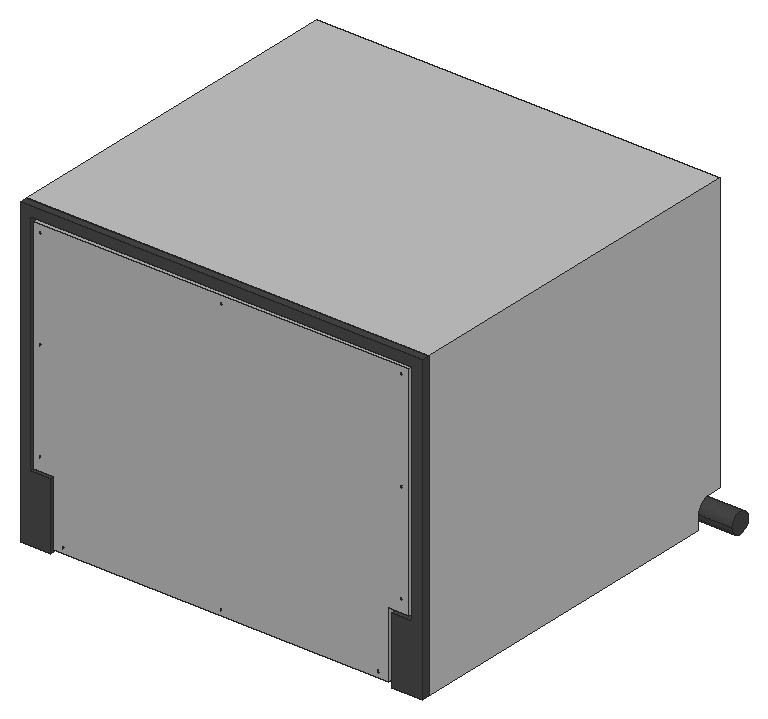
Revit family "FP_Revit_18_DD60STI9_DishDrawer_90000921A", category Specialty Equipment, Revit 2018
Family settings
  Round Connector Dimension = Use Diameter
  Part Type = Normal
  OmniClass Number = 23.40.40.14.31
  OmniClass Title = Cleaning and Disposal Equipment
  Work Plane-Based = No
  Always vertical = Yes
  Cut with Voids When Loaded = Yes
  Shared = No
  Room Calculation Point = No
Parameters (values of type "DD60STI9")
  Visibility - Handle = no
  Visibility - Door Panel = no
  Visibility - Clearance Required = yes
  URL = "www.fisherpaykel.com"
  Product - Width = 599 mm  # constant formula
  Product - Height = 454 mm  # constant formula
  Product - Depth = 553 mm  # constant formula
  Model = "DD60STI9"
  Material - Trim = Fisher & Paykel - Black
  Material - Door Structure = Fisher & Paykel - Aluminium
  Material - Door Front = Fisher & Paykel - Stainless Steel
  Material - Body = Fisher & Paykel - Grey
  Manufacturer = "Fisher & Paykel Appliances"
  FFL Offset [instance] = 406 mm
  Description = "Integrated Single DishDrawer"
  Connector Description - Water = "3/4“ BSP (GB20) to suit Flat Washer"
  Connector Description - Sanitary = "Drain Hose, No Fitting Required"
  Connector Description - Electrical = "230 V, 15 A, fused electrical supply"
  Cavity - Width = 600 mm  # constant formula
  Cavity - Height = 456 mm  # constant formula
  Cavity - Depth = 560 mm  # constant formula
Types (3, lengths in mm): name | Model
  (no name) | "DD60STI9"
  DD60STI9 | "DD60STI9"
  DD60SHTI9 | "DD60SHTI9"
Reference planes
  plane 1 "Datum": y = 0
  plane 2: z = 0
  plane 3 "Center (Left/Right)": x = 0
  plane 4: z = 0
  plane 5 "Product LHS": x = -299.5
  plane 6 "Product RHS": x = 299.5
  plane 7 "Product - Depth": y = 553
  plane 8 "Cavity LHS": x = -300
  plane 9 "Cavity RHS": x = 300
  plane 10 "Cavity - Depth": y = 560
  plane 11 "Product Height": z = 860
  plane 12 "Cavity - Height": z = 862
  plane 13 "FFL Offset": z = 406
  plane 14 "Door Front": y = -18
Forms (mm)
  Extrusion 1, solid, material "Fisher & Paykel - Grey" <- "Material - Body"
    sketch origin (0, 0, 0) x (0, 1, 0) y (0, 0, 1)
      loop
        line (12, 860) -> (12, 406) -> (513, 406) -> (513, 426)
        arc (513, 426) -> (518.858, 440.142) -> (533, 446) r 20
        line (533, 446) -> (553, 446) -> (553, 860) -> (12, 860)
    from -299.5 to 299.5
  Extrusion 2, solid, material "Fisher & Paykel - Aluminium" <- "Material - Door Structure", detail levels fine
    sketch origin (0, 0, 0) x (1, 0, 0) y (0, 0, 1)
      loop
        line (-279.5, 840) -> (-279.5, 511) -> (-249.5, 511) -> (-249.5, 412.713) -> (249.5, 412.713) -> (249.5, 511) -> (279.5, 511) -> (279.5, 840) -> (-279.5, 840)
      loop
        circle (-269.5, 680) r 1.502
      loop
        circle (-234.5, 421) r 1.5
      loop
        circle (-269.5, 530) r 1.5
      loop
        circle (-269.5, 830) r 1.5
      loop
        circle (0, 830) r 1.5
      loop
        circle (269.5, 680) r 1.502
      loop
        circle (269.5, 530) r 1.5
      loop
        circle (269.5, 830) r 1.5
      loop
        circle (0, 421) r 1.5
      loop
        circle (234.5, 421) r 1.5
    from -12 to 0
  Sweep 3, solid, material "Fisher & Paykel - Black", detail levels medium+fine
    path origin (0, 539.813, 406) x (1, 0, 0) y (0, 0, 1)
      loop
        line (-119.5, 75) -> (-119.5, 45.438)
        arc (-119.5, 45.438) -> (-125.358, 31.295) -> (-139.5, 25.437) r 20
        line (-139.5, 25.437) -> (-349.5, 25.437)
    profile origin (-119.5, 539.813, 466.219) x (0, -1, 0) y (1, 0, 0)
      loop
        circle (0, 0) r 9
  Extrusion 4, solid, material "Fisher & Paykel - Clearance Required", visible <- "Visibility - Clearance Required", detail levels coarse
    sketch origin (0, 0, 0) x (0, 1, 0) y (0, 0, 1)
      loop
        line (-18, 406) -> (-18, 860) -> (-545, 860) -> (-545, 820.3) -> (-587, 820.3) -> (-587, 804.3) -> (-545, 804.3) -> (-545, 406) -> (-18, 406)
    from -300 to 300
  Extrusion 5, solid, material "Fisher & Paykel - Clearance Required", visible <- "Visibility - Clearance Required", detail levels coarse
    sketch origin (0, 0, 0) x (1, 0, 0) y (0, 1, 0)
      loop
        line (300, 560) -> (-300, 560) -> (-300, 0) -> (300, 0) -> (300, 560)
    from 406 to 862
  Extrusion 6, solid, material "Fisher & Paykel - Black" <- "Material - Trim"
    sketch origin (0, 0, 0) x (1, 0, 0) y (0, 0, 1)
      loop
        line (-299.5, 860) -> (-299.5, 406) -> (-254.5, 406) -> (-254.5, 506) -> (-283.999, 506) -> (-283.999, 845) -> (284, 845) -> (284, 506) -> (254.5, 506) -> (254.5, 406) -> (299.5, 406) -> (299.5, 860) -> (-299.5, 860)
    from -12 to 0
  Sweep 7, solid, material "Fisher & Paykel - Black", detail levels medium+fine
    path origin (0, 0, 0) x (1, 0, 0) y (0, 1, 0)
      loop
        line (199.5, 513) -> (199.5, 514)
        arc (199.5, 514) -> (204.04, 524.96) -> (215, 529.5) r 15.5
        line (215, 529.5) -> (349.5, 529.5)
    profile origin (199.5, 513.5, 0) x (-1, 0, 0) y (0, 0, 1)
      loop
        circle (0, 427) r 15
  Sweep 8, solid, material "Fisher & Paykel - Black", detail levels medium+fine
    path origin (0, 0, 0) x (1, 0, 0) y (0, 1, 0)
      loop
        line (-33.982, 513) -> (-33.982, 516.982)
        arc (-33.982, 516.982) -> (-35.886, 521.579) -> (-40.482, 523.482) r 6.5
        line (-40.482, 523.482) -> (-349.5, 523.482)
    profile origin (-194.991, 523.482, 0) x (0, -1, 0) y (0, 0, 1)
      loop
        circle (0, 417.016) r 4
  Sweep 9, solid, material "Fisher & Paykel - Black", detail levels medium+fine
    path origin (0, 0, 0) x (1, 0, 0) y (0, 1, 0)
      loop
        line (-349.5, 522.999) -> (-215.482, 522.999)
        arc (-215.482, 522.999) -> (-211.239, 521.242) -> (-209.482, 516.999) r 6
        line (-209.482, 516.999) -> (-209.482, 513)
    profile origin (-209.482, 514.999, 0) x (1, 0, 0) y (0, 0, 1)
      loop
        circle (0, 426.938) r 5
  Extrusion 10, solid, material "Fisher & Paykel - Black", detail levels fine
    sketch origin (0, 0, 406) x (1, 0, 0) y (0, 0, 1)
      loop
        line (-27.5, 18) -> (-41.5, 18) -> (-41.5, 4) -> (-27.5, 4) -> (-27.5, 18)
    from -518 to -513
  Extrusion 11, void
    sketch origin (0, 0, 0) x (1, 0, 0) y (0, 1, 0)
      loop
        line (-300, 560) -> (-300, -18) -> (300, -18) -> (300, 560) -> (-300, 560)
    from 406 to 862
  Extrusion 12, solid, material "Fisher & Paykel - Stainless Steel" <- "Material - Door Front", visible <- "Visibility - Door Panel"
    sketch origin (0, 0, 0) x (1, 0, 0) y (0, 1, 0)
      loop
        line (297.5, 0) -> (-297.5, 0) -> (-297.5, -18) -> (297.5, -18) -> (297.5, 0)
    from 408 to 860
  Extrusion 13, void
    sketch origin (0, 0, 0) x (1, 0, 0) y (0, 0, 1)
      loop
        line (-9.5, 511) -> (-229.5, 511) -> (-229.5, 446) -> (-9.5, 446) -> (-9.5, 511)
    from -553 to -550
  Sweep 14, solid, material "Fisher & Paykel - Black", not visible, detail levels medium+fine
    path origin (0, 539.813, 1000) x (1, 0, 0) y (0, 0, 1)
      loop
        line (-119.5, 75) -> (-119.5, 45.438)
        arc (-119.5, 45.438) -> (-125.358, 31.295) -> (-139.5, 25.437) r 20
        line (-139.5, 25.437) -> (-349.5, 25.437)
    profile origin (-119.5, 539.813, 1060.219) x (0, -1, 0) y (1, 0, 0)
      loop
        circle (0, 0) r 9
  Sweep 15, solid, material "Fisher & Paykel - Black", not visible, detail levels medium+fine
    path origin (0, 0, -1000) x (1, 0, 0) y (0, 1, 0)
      loop
        line (199.5, 513) -> (199.5, 514)
        arc (199.5, 514) -> (204.04, 524.96) -> (215, 529.5) r 15.5
        line (215, 529.5) -> (349.5, 529.5)
    profile origin (199.5, 513.5, -1000) x (-1, 0, 0) y (0, 0, 1)
      loop
        circle (0, 2021) r 15
  Sweep 16, solid, material "Fisher & Paykel - Black", not visible, detail levels medium+fine
    path origin (0, 0, -1000) x (1, 0, 0) y (0, 1, 0)
      loop
        line (-33.982, 513) -> (-33.982, 516.982)
        arc (-33.982, 516.982) -> (-35.886, 521.579) -> (-40.482, 523.482) r 6.5
        line (-40.482, 523.482) -> (-349.5, 523.482)
    profile origin (-194.991, 523.482, -1000) x (0, -1, 0) y (0, 0, 1)
      loop
        circle (0, 2011.016) r 4
  Sweep 17, solid, material "Fisher & Paykel - Black", not visible, detail levels medium+fine
    path origin (0, 0, -1000) x (1, 0, 0) y (0, 1, 0)
      loop
        line (-349.5, 522.999) -> (-215.482, 522.999)
        arc (-215.482, 522.999) -> (-211.239, 521.242) -> (-209.482, 516.999) r 6
        line (-209.482, 516.999) -> (-209.482, 513)
    profile origin (-209.482, 514.999, -1000) x (1, 0, 0) y (0, 0, 1)
      loop
        circle (0, 2020.938) r 5
  Extrusion 18, solid, material "Fisher & Paykel - Black", not visible, detail levels fine
    sketch origin (0, 0, 1000) x (1, 0, 0) y (0, 0, 1)
      loop
        line (-27.5, 18) -> (-41.5, 18) -> (-41.5, 4) -> (-27.5, 4) -> (-27.5, 18)
    from -518 to -513
Cuts and joins
  Extrusion 13 cuts Extrusion 2
  Extrusion 13 cuts Extrusion 4
  Extrusion 13 cuts Extrusion 12
  Extrusion 13 cuts Extrusion 1
Lines and regions (mm)
  model lines, style "Fisher & Paykel"
    curve 1: line (-297.5, 0, 860) -> (297.5, 0, 860)
    curve 2: line (-297.5, 0, 408) -> (-297.5, 0, 860)
    curve 3: line (297.5, 0, 408) -> (-297.5, 0, 408)
    curve 4: line (297.5, 0, 860) -> (297.5, 0, 408)
  model lines
    curve 5: line (-297.5, 0, 860) -> (297.5, 0, 860)
    curve 6: line (-297.5, 0, 408) -> (-297.5, 0, 860)
    curve 7: line (297.5, 0, 408) -> (-297.5, 0, 408)
    curve 8: line (297.5, 0, 860) -> (297.5, 0, 408)
  model lines, style "Fisher & Paykel", not visible
    curve 9: line (297.5, 0, 1002) -> (-297.5, 0, 1002)
  model lines, not visible
    curve 10: line (297.5, 0, 1002) -> (-297.5, 0, 1002)
Text (mm)
  text "Due to ongoing product development, product details are subject to change without notice. \nPlease always refer to www.fisherpaykel.com for the most current product information. \n© Fisher & Paykel 2020" at (41.04, -647.69, 0), in view "Ref. Level (Plan)"
Dimensions and locks
  equal spacing: plane 5 "Product LHS", plane 3 "Center (Left/Right)", plane 6 "Product RHS"
  "Product - Width": plane 5 "Product LHS" to plane 6 "Product RHS"
  "Product - Depth": plane 1 "Datum" to plane 7 "Product - Depth"
  equal spacing: plane 8 "Cavity LHS", plane 3 "Center (Left/Right)", plane 9 "Cavity RHS"
  "Cavity - Width": plane 8 "Cavity LHS" to plane 9 "Cavity RHS"
  "Cavity - Depth": plane 10 "Cavity - Depth" to plane 1 "Datum"
  "FFL Offset": plane 13 "FFL Offset" to level
  "Product - Height": plane 11 "Product Height" to plane 13 "FFL Offset"
  "Cavity - Height": plane 13 "FFL Offset" to plane 12 "Cavity - Height"
  locked: plane 11 "Product Height" to nested 1 at 39.7
  locked: plane 13 "FFL Offset" to cut or joined group of Extrusion 12, Extrusion 13 at 2
  locked: Extrusion 2 sketch curve to plane 13 "FFL Offset" at 6.713
  locked: cut or joined group of Extrusion 1, Extrusion 13 to Extrusion 13 sketch curve at 65
  locked: cut or joined group of Extrusion 12, Extrusion 13 to plane 13 "FFL Offset" at 2
  locked: plane 13 "FFL Offset" to Sweep 3 at 75
  locked: Extrusion 1 sketch curve to plane 13 "FFL Offset" at 40
  aligned and locked: level to plane 2
  aligned and locked: Extrusion 5 sketch curve to plane 8 "Cavity LHS"
  aligned and locked: plane 1 "Datum" to Extrusion 5 sketch curve
  aligned and locked: Extrusion 5 sketch curve to plane 9 "Cavity RHS"
  aligned and locked: Extrusion 4 to plane 13 "FFL Offset"
  aligned and locked: cut or joined group of Extrusion 4, Extrusion 13 to Extrusion 5
  aligned and locked: Extrusion 5 to plane 12 "Cavity - Height"
  aligned and locked: Extrusion 5 to Extrusion 1
  aligned and locked: plane 11 "Product Height" to Extrusion 1
  aligned and locked: Extrusion 6 sketch curve to plane 13 "FFL Offset"
  aligned and locked: Extrusion 6 sketch curve to Extrusion 6 sketch curve
  aligned and locked: plane 11 "Product Height" to Extrusion 12
  aligned and locked: cut or joined group of Extrusion 1, Extrusion 13 to Extrusion 13 sketch curve
  aligned and locked: Extrusion 2 sketch curve to Extrusion 2 sketch curve
  aligned and locked: Extrusion 11 to Extrusion 5  (x2)
Automatic sketch dimensions
  Sweep 3 sketch curve to profile plane = 0 mm
  profile plane to Sweep 3 sketch curve = 0 mm
  Sweep 3 sketch curve to Sweep 3 sketch curve = 20 mm
  Sweep 3 sketch curve to Sweep 3 sketch curve = 29.562 mm
  Sweep 7 sketch curve to profile plane = 0 mm
  Sweep 7 sketch curve to Sweep 7 sketch curve = 15.5 mm
  Sweep 7 sketch curve to Sweep 7 sketch curve = 1 mm
  Sweep 8 sketch curve to Sweep 8 sketch curve = 3.982 mm
  Sweep 8 sketch curve to Sweep 8 sketch curve = 6.5 mm
  Sweep 8 sketch curve to profile plane = 0 mm
  Sweep 9 sketch curve to Sweep 9 sketch curve = 6 mm
  Sweep 9 sketch curve to Sweep 9 sketch curve = 3.999 mm
  profile plane to Sweep 9 sketch curve = 0 mm
  Extrusion 10 sketch curve to Extrusion 10 sketch curve = 14 mm  (x2)
  Extrusion 5 sketch curve to plane 10 "Cavity - Depth" = 0 mm
  plane 1 "Datum" to Extrusion 11 sketch curve = 18 mm
  Extrusion 11 sketch curve to plane 8 "Cavity LHS" = 0 mm
  Extrusion 11 sketch curve to plane 9 "Cavity RHS" = 0 mm
  Extrusion 11 sketch curve to plane 10 "Cavity - Depth" = 0 mm
  plane 1 "Datum" to Extrusion 12 sketch curve = 0 mm
  plane 9 "Cavity RHS" to Extrusion 12 sketch curve = 597.5 mm
  plane 1 "Datum" to Extrusion 12 sketch curve = 18 mm
  Extrusion 12 sketch curve to Extrusion 12 sketch curve = 595 mm
  Extrusion 4 sketch curve to plane 11 "Product Height" = 0 mm
  level to Extrusion 4 sketch curve = 406 mm
  plane 1 "Datum" to Extrusion 4 sketch curve = 587 mm
  Extrusion 4 sketch curve to Extrusion 4 sketch curve = 42 mm  (x2)
  plane 1 "Datum" to Extrusion 4 sketch curve = 18 mm
  Extrusion 4 sketch curve to Extrusion 4 sketch curve = 16 mm
  Extrusion 4 sketch curve to Extrusion 4 sketch curve = 55.7 mm
  plane 11 "Product Height" to Extrusion 1 sketch curve = 0 mm
  Extrusion 1 sketch curve to plane 7 "Product - Depth" = 0 mm
  Extrusion 1 sketch curve to Extrusion 1 sketch curve = 20 mm  (x2)
  Extrusion 1 sketch curve to plane 1 "Datum" = 12 mm
  curve 6 to plane 11 "Product Height" = 0 mm
  curve 1 to plane 5 "Product LHS" = 2 mm
  plane 6 "Product RHS" to curve 5 = 2 mm
  Extrusion 1 sketch curve to plane 13 "FFL Offset" = 0 mm
  plane 5 "Product LHS" to Extrusion 6 sketch curve = 0 mm
  plane 6 "Product RHS" to Extrusion 6 sketch curve = 0 mm
  Extrusion 6 sketch curve to plane 5 "Product LHS" = 15.501 mm
  Extrusion 6 sketch curve to Extrusion 6 sketch curve = 29.499 mm
  plane 6 "Product RHS" to Extrusion 6 sketch curve = 45 mm
  plane 6 "Product RHS" to Extrusion 6 sketch curve = 15.5 mm
  plane 13 "FFL Offset" to Extrusion 6 sketch curve = 100 mm  (x2)
  Extrusion 6 sketch curve to plane 11 "Product Height" = 15 mm
  plane 11 "Product Height" to Extrusion 6 sketch curve = 0 mm
  Extrusion 13 sketch curve to plane 5 "Product LHS" = 70 mm
  Extrusion 13 sketch curve to plane 3 "Center (Left/Right)" = 9.5 mm
  plane 13 "FFL Offset" to curve 6 = 2 mm
  plane 13 "FFL Offset" to curve 4 = 2 mm
  Sweep 3 sketch curve to Sweep 3 sketch curve = 210 mm
  Sweep 7 sketch curve to Sweep 7 sketch curve = 134.5 mm
  profile plane to Sweep 7 sketch curve = 427 mm
  Sweep 8 sketch curve to Sweep 8 sketch curve = 309.018 mm
  profile plane to Sweep 8 sketch curve = 417.016 mm
  Sweep 9 sketch curve to Sweep 9 sketch curve = 134.018 mm
  profile plane to Sweep 9 sketch curve = 426.938 mm
  Sweep 14 sketch curve to profile plane = 0 mm
  profile plane to Sweep 14 sketch curve = 0 mm
  Sweep 14 sketch curve to Sweep 14 sketch curve = 20 mm
  Sweep 14 sketch curve to Sweep 14 sketch curve = 29.562 mm
  Sweep 15 sketch curve to profile plane = 0 mm
  Sweep 15 sketch curve to Sweep 15 sketch curve = 15.5 mm
  Sweep 15 sketch curve to Sweep 15 sketch curve = 1 mm
  Sweep 16 sketch curve to Sweep 16 sketch curve = 3.982 mm
  Sweep 16 sketch curve to Sweep 16 sketch curve = 6.5 mm
  Sweep 16 sketch curve to profile plane = 0 mm
  Sweep 17 sketch curve to Sweep 17 sketch curve = 6 mm
  Sweep 17 sketch curve to Sweep 17 sketch curve = 3.999 mm
  profile plane to Sweep 17 sketch curve = 0 mm
  Extrusion 18 sketch curve to Extrusion 18 sketch curve = 14 mm  (x2)
  Sweep 14 sketch curve to Sweep 14 sketch curve = 210 mm
  Sweep 15 sketch curve to Sweep 15 sketch curve = 134.5 mm
  profile plane to Sweep 15 sketch curve = 2021 mm
  Sweep 16 sketch curve to Sweep 16 sketch curve = 309.018 mm
  profile plane to Sweep 16 sketch curve = 2011.016 mm
  Sweep 17 sketch curve to Sweep 17 sketch curve = 134.018 mm
  profile plane to Sweep 17 sketch curve = 2020.938 mm
  Extrusion 2 sketch curve to plane 3 "Center (Left/Right)" = 0 mm  (x2)
  plane 13 "FFL Offset" to Extrusion 2 sketch curve = 15 mm  (x3)
  Extrusion 2 sketch curve to plane 5 "Product LHS" = 65 mm
  Extrusion 2 sketch curve to Extrusion 2 sketch curve = 15 mm
  Extrusion 2 sketch curve to plane 5 "Product LHS" = 30 mm  (x2)
  Extrusion 2 sketch curve to Extrusion 2 sketch curve = 20 mm  (x2)
  Extrusion 2 sketch curve to plane 5 "Product LHS" = 20 mm
  plane 6 "Product RHS" to Extrusion 2 sketch curve = 65 mm
  plane 6 "Product RHS" to Extrusion 2 sketch curve = 50 mm
  plane 6 "Product RHS" to Extrusion 2 sketch curve = 30 mm  (x2)
  Extrusion 2 sketch curve to Extrusion 2 sketch curve = 10 mm  (x2)
  Extrusion 2 sketch curve to Extrusion 2 sketch curve = 90 mm
  Extrusion 2 sketch curve to Extrusion 2 sketch curve = 19 mm  (x2)
  Extrusion 2 sketch curve to Extrusion 2 sketch curve = 150 mm  (x2)
  Extrusion 2 sketch curve to plane 11 "Product Height" = 30 mm  (x3)
  radius of Sweep 3 sketch curve = 9 mm
  radius of Sweep 7 sketch curve = 15 mm
  radius of Sweep 8 sketch curve = 4 mm
  radius of Sweep 9 sketch curve = 5 mm
  radius of Sweep 14 sketch curve = 9 mm
  radius of Sweep 15 sketch curve = 15 mm
  radius of Sweep 16 sketch curve = 4 mm
  radius of Sweep 17 sketch curve = 5 mm
  radius of Extrusion 2 sketch curve = 1.502 mm  (x2)
  radius of Extrusion 2 sketch curve = 1.5 mm  (x8)
Nested families
  nested 1: "F&P Handle Contemporary Square - Horizontal" at (0, -18, 812.322), visible <- "Visibility - Handle", type "565mm"
Connectors
  piping at (-349.5, 539.813, 431.437), diameter 15.9, driven by "Connector Description - Sanitary"
    settings: on Sweep 3, index 4, connector inside diameter 609.6 mm, connector length 0 mm, flow factor 0, pipe flow 0.0 L/s, pressure drop 0.0 Pa, fitting loss kfactor 0, connector angle 0.00°, fixture units 0, engagement length 0 mm, angle of deflection 0.00°, flow configuration 0, flow direction 2, fitting loss method 0, system type 16, joint type 0, gender type 0, connector reference index -1, connector utility 0, adjustable connector no, is connector primary yes, connector description "Drain Hose, No Fitting Required"
  piping at (349.5, 529.5, 427), diameter 30
    settings: on Sweep 7, index 5, connector inside diameter 609.6 mm, connector length 0 mm, flow factor 0, pipe flow 0.0 L/s, pressure drop 0.0 Pa, fitting loss kfactor 0, connector angle 0.00°, fixture units 0, engagement length 0 mm, angle of deflection 0.00°, flow configuration 0, flow direction 2, fitting loss method 0, system type 17, joint type 0, gender type 0, connector reference index -1, connector utility 0, adjustable connector no, is connector primary no, connector description "Vent hose for Fan Assisted Drying"
  piping at (-349.5, 522.999, 426.938), diameter 10, driven by "Connector Description - Water"
    settings: on Sweep 9, index 6, connector inside diameter 609.6 mm, connector length 0 mm, flow factor 0, pipe flow 0.0 L/s, pressure drop 0.0 Pa, fitting loss kfactor 0, connector angle 0.00°, fixture units 0, engagement length 0 mm, angle of deflection 0.00°, flow configuration 0, flow direction 1, fitting loss method 0, system type 20, joint type 0, gender type 0, connector reference index -1, connector utility 0, adjustable connector no, is connector primary no, connector description "3/4“ BSP (GB20) to suit Flat Washer"
  electrical at (-349.5, 523.482, 417.016), driven by "Connector Description - Electrical"
    settings: on Sweep 8, index 7, voltage 230 V, apparent load 0 VA, apparent load phase1 0 VA, apparent load phase2 0 VA, apparent load phase3 0 VA, power factor 1, load classification "Other", number of poles 1, system type 30, power factor state 1, is connector primary yes, connector utility no, sub classification motor no, connector description "230 V, 15 A, fused electrical supply"
Definition of nested family "F&P Handle Contemporary Square - Horizontal"
  Parameters (values of type "565mm")
    URL = "www.fisherpaykel.com"
    Material - Handle = none
    Manufacturer = "Fisher & Paykel Appliances"
    Handle - Standoff = 100 mm
    Handle - Length = 565 mm
  Reference planes
    plane 1 "Center (Front/Back)": y = 0
    plane 2: z = 0
    plane 3 "Center (Left/Right)": x = 0
    plane 4 "Product LHS": x = -282.5
    plane 5 "Product RHS": x = 282.5
    plane 6 "LHS Standoff": x = -182.5
    plane 7 "RHS Standoff": x = 182.5
  Forms (mm)
    Extrusion 1, solid, material <- "Material - Handle", detail levels fine
      sketch origin (0, 0, 0) x (0, 1, 0) y (0, 0, 1)
        loop
          arc (-27.701, 7.561) -> (-28.057, 7.868) -> (-28.514, 7.978) r 1
          line (-28.514, 7.978) -> (-39.5, 7.978)
          arc (-39.5, 7.978) -> (-40.561, 7.539) -> (-41, 6.478) r 1.5
          line (-41, 6.478) -> (-41, -6.522)
          arc (-41, -6.522) -> (-40.561, -7.583) -> (-39.5, -8.022) r 1.5
          line (-39.5, -8.022) -> (-28.487, -8.022)
          arc (-28.487, -8.022) -> (-28.029, -7.911) -> (-27.673, -7.602) r 1
          arc (-27.673, -7.602) -> (-25.256, -0.016) -> (-27.701, 7.561) r 13.038
      from -282.5 to 282.5
    Extrusion 2, solid, material <- "Material - Handle", detail levels fine
      sketch origin (0, 0, 0) x (0, 1, 0) y (0, 0, 1)
        loop
          arc (-27.23, 7.062) -> (-25.156, 0.008) -> (-27.198, -7.056) r 13.136
          arc (-27.198, -7.056) -> (-27.21, -7.463) -> (-26.86, -7.67) r 0.4
          line (-26.86, -7.67) -> (0, -7.67) -> (0, 7.678) -> (-26.893, 7.678)
          arc (-26.893, 7.678) -> (-27.244, 7.47) -> (-27.23, 7.062) r 0.4
      from 182.5 to 282.5
    Extrusion 3, solid, material <- "Material - Handle", detail levels fine
      sketch origin (0, 0, 0) x (0, 1, 0) y (0, 0, -1)
        loop
          arc (-27.23, -7.062) -> (-27.244, -7.47) -> (-26.893, -7.678) r 0.4
          line (-26.893, -7.678) -> (0, -7.678) -> (0, 7.67) -> (-26.86, 7.67)
          arc (-26.86, 7.67) -> (-27.21, 7.463) -> (-27.198, 7.056) r 0.4
          arc (-27.198, 7.056) -> (-25.156, -0.008) -> (-27.23, -7.062) r 13.136
      from 182.5 to 282.5
    Sweep 4, void
      path in 3D
        loop
          line (282.5, -28.514, 7.978) -> (282.5, -39.5, 7.978)
          arc (282.5, -39.5, 7.978) -> (282.5, -40.561, 7.539) -> (282.5, -41, 6.478) r 1.5
          line (282.5, -41, 6.478) -> (282.5, -41, -6.522)
          arc (282.5, -41, -6.522) -> (282.5, -40.561, -7.583) -> (282.5, -39.5, -8.022) r 1.5
          line (282.5, -39.5, -8.022) -> (282.5, -28.487, -8.022)
      profile origin (282.5, -34.007, 7.978) x (1, 0, 0) y (0, 0, 1)
        loop
          line (0, 0) -> (-1.3, 0) -> (0, -1.3) -> (0, 0)
    Sweep 5, void
      path in 3D
        loop
          line (-282.5, -28.487, -8.022) -> (-282.5, -39.5, -8.022)
          arc (-282.5, -39.5, -8.022) -> (-282.5, -40.561, -7.583) -> (-282.5, -41, -6.522) r 1.5
          line (-282.5, -41, -6.522) -> (-282.5, -41, 6.478)
          arc (-282.5, -41, 6.478) -> (-282.5, -40.561, 7.539) -> (-282.5, -39.5, 7.978) r 1.5
          line (-282.5, -39.5, 7.978) -> (-282.5, -28.514, 7.978)
      profile origin (-282.5, -34.007, 7.978) x (-1, 0, 0) y (0, 0, 1)
        loop
          line (0, 0) -> (-1.3, 0) -> (0, -1.3) -> (0, 0)
    Extrusion 6, void
      sketch origin (0, 0, 0) x (1, 0, 0) y (0, 0, 1)
        loop
          line (282.5, 7.978) -> (281.2, 7.978) -> (282.5, 6.678) -> (282.5, 7.978)
        loop
          line (282.5, -8.022) -> (282.5, -6.722) -> (281.2, -8.022) -> (282.5, -8.022)
      from 0 to 28.514
    Extrusion 7, void
      sketch origin (0, 0, 0) x (1, 0, 0) y (0, 0, 1)
        loop
          line (-282.5, 7.978) -> (-282.5, 6.678) -> (-281.2, 7.978) -> (-282.5, 7.978)
        loop
          line (-282.5, -8.022) -> (-281.2, -8.022) -> (-282.5, -6.722) -> (-282.5, -8.022)
      from 0 to 28.487
    Extrusion 8, solid, material <- "Material - Handle", detail levels coarse+medium
      sketch origin (0, 0, 0) x (1, 0, 0) y (0, 1, 0)
        loop
          line (-282.5, -41) -> (282.5, -41) -> (282.5, 0) -> (182.5, 0) -> (182.5, -26.156) -> (-182.5, -26.156) -> (-182.5, 0) -> (-282.5, 0) -> (-282.5, -41)
      from -8.022 to 7.978
  Cuts and joins
    Sweep 4, Sweep 5, Extrusion 6, Extrusion 7 cuts Extrusion 1
    Extrusion 6 cuts Extrusion 2
    Extrusion 7 cuts Extrusion 3
  Lines and regions (mm)
    sketch lines
      curve 1: line (282.5, -28.514, 7.978) -> (282.5, -39.5, 7.978)
      curve 2: arc (282.5, -41, 6.478) -> (282.5, -40.561, 7.539) -> (282.5, -39.5, 7.978) r 1.5
      curve 3: line (282.5, -41, 6.478) -> (282.5, -41, -6.522)
      curve 4: arc (282.5, -39.5, -8.022) -> (282.5, -40.561, -7.583) -> (282.5, -41, -6.522) r 1.5
      curve 5: line (282.5, -39.5, -8.022) -> (282.5, -28.487, -8.022)
      curve 6: line (-282.5, -39.5, 7.978) -> (-282.5, -28.514, 7.978)
      curve 7: arc (-282.5, -39.5, 7.978) -> (-282.5, -40.561, 7.539) -> (-282.5, -41, 6.478) r 1.5
      curve 8: line (-282.5, -41, -6.522) -> (-282.5, -41, 6.478)
      curve 9: arc (-282.5, -41, -6.522) -> (-282.5, -40.561, -7.583) -> (-282.5, -39.5, -8.022) r 1.5
      curve 10: line (-282.5, -28.487, -8.022) -> (-282.5, -39.5, -8.022)
  Dimensions and locks
    equal spacing: plane 4 "Product LHS", plane 3 "Center (Left/Right)", plane 5 "Product RHS"
    "Handle - Length": plane 4 "Product LHS" to plane 5 "Product RHS"
    "Handle - Standoff": plane 4 "Product LHS" to plane 6 "LHS Standoff"
    "Handle - Standoff": plane 7 "RHS Standoff" to plane 5 "Product RHS"
    Extrusion 8 to plane 1 "Center (Front/Back)" = 41 mm
    aligned and locked: level to plane 2
    aligned and locked: Extrusion 1 to plane 5 "Product RHS"
    aligned and locked: plane 4 "Product LHS" to Extrusion 1
    aligned and locked: Extrusion 2 to plane 5 "Product RHS"
    aligned and locked: plane 4 "Product LHS" to Extrusion 3
    aligned and locked: plane 4 "Product LHS" to Extrusion 8 sketch curve
    aligned and locked: Extrusion 8 sketch curve to plane 5 "Product RHS"
    aligned and locked: Extrusion 8 sketch curve to plane 7 "RHS Standoff"
    aligned and locked: plane 6 "LHS Standoff" to Extrusion 8 sketch curve
    aligned and locked: Extrusion 2 to plane 7 "RHS Standoff"
    aligned and locked: plane 6 "LHS Standoff" to Extrusion 3
  Automatic sketch dimensions
    Extrusion 1 sketch curve to level = 6.522 mm
    plane 1 "Center (Front/Back)" to Extrusion 1 sketch curve = 41 mm
    Extrusion 1 sketch curve to Extrusion 1 sketch curve = 1.5 mm  (x2)
    Extrusion 1 sketch curve to level = 0.04 mm
    Extrusion 1 sketch curve to Extrusion 1 sketch curve = 1.206 mm
    level to Extrusion 1 sketch curve = 6.978 mm
    Extrusion 1 sketch curve to Extrusion 1 sketch curve = 10.986 mm
    Extrusion 1 sketch curve to Extrusion 1 sketch curve = 11.013 mm
    Extrusion 1 sketch curve to Extrusion 1 sketch curve = 1 mm
    level to Extrusion 1 sketch curve = 6.478 mm
    Extrusion 1 sketch curve to Extrusion 1 sketch curve = 0 mm
    Extrusion 2 sketch curve to plane 1 "Center (Front/Back)" = 0 mm
    Extrusion 2 sketch curve to level = 7.67 mm
    Extrusion 2 sketch curve to Extrusion 2 sketch curve = 26.86 mm
    level to Extrusion 2 sketch curve = 7.678 mm
    Extrusion 2 sketch curve to Extrusion 2 sketch curve = 0.033 mm
    Extrusion 2 sketch curve to level = 0.022 mm
    Extrusion 2 sketch curve to Extrusion 2 sketch curve = 11.398 mm
    Extrusion 2 sketch curve to Extrusion 2 sketch curve = 0.4 mm  (x2)
    Extrusion 2 sketch curve to Extrusion 2 sketch curve = 0 mm
    Extrusion 3 sketch curve to plane 1 "Center (Front/Back)" = 0 mm
    Extrusion 3 sketch curve to level = 7.67 mm
    Extrusion 3 sketch curve to Extrusion 3 sketch curve = 26.86 mm
    level to Extrusion 3 sketch curve = 7.678 mm
    Extrusion 3 sketch curve to Extrusion 3 sketch curve = 0.033 mm
    Extrusion 3 sketch curve to level = 0.022 mm
    Extrusion 3 sketch curve to Extrusion 3 sketch curve = 11.398 mm
    Extrusion 3 sketch curve to Extrusion 3 sketch curve = 0.4 mm  (x2)
    Extrusion 3 sketch curve to Extrusion 3 sketch curve = 0 mm
    profile plane to Sweep 4 sketch curve = 0 mm
    Sweep 4 sketch curve to profile plane = 0 mm
    Sweep 4 sketch curve to profile plane = 1.3 mm
    profile plane to Sweep 4 sketch curve = 1.3 mm
    Sweep 5 sketch curve to profile plane = 0 mm  (x2)
    profile plane to Sweep 5 sketch curve = 1.3 mm
    Sweep 5 sketch curve to profile plane = 1.3 mm
    plane 5 "Product RHS" to Extrusion 6 sketch curve = 0 mm  (x2)
    Extrusion 6 sketch curve to Extrusion 6 sketch curve = 1.3 mm  (x4)
    Extrusion 6 sketch curve to level = 6.722 mm
    level to Extrusion 6 sketch curve = 6.678 mm
    plane 4 "Product LHS" to Extrusion 7 sketch curve = 0 mm  (x2)
    Extrusion 7 sketch curve to plane 4 "Product LHS" = 1.3 mm  (x2)
    Extrusion 7 sketch curve to level = 8.022 mm
    level to Extrusion 7 sketch curve = 6.678 mm
    Extrusion 7 sketch curve to Extrusion 7 sketch curve = 1.3 mm  (x2)
    plane 1 "Center (Front/Back)" to Extrusion 8 sketch curve = 0 mm  (x2)
    Extrusion 8 sketch curve to Extrusion 8 sketch curve = 26.156 mm
    Extrusion 8 sketch curve to Extrusion 8 sketch curve = 41 mm
